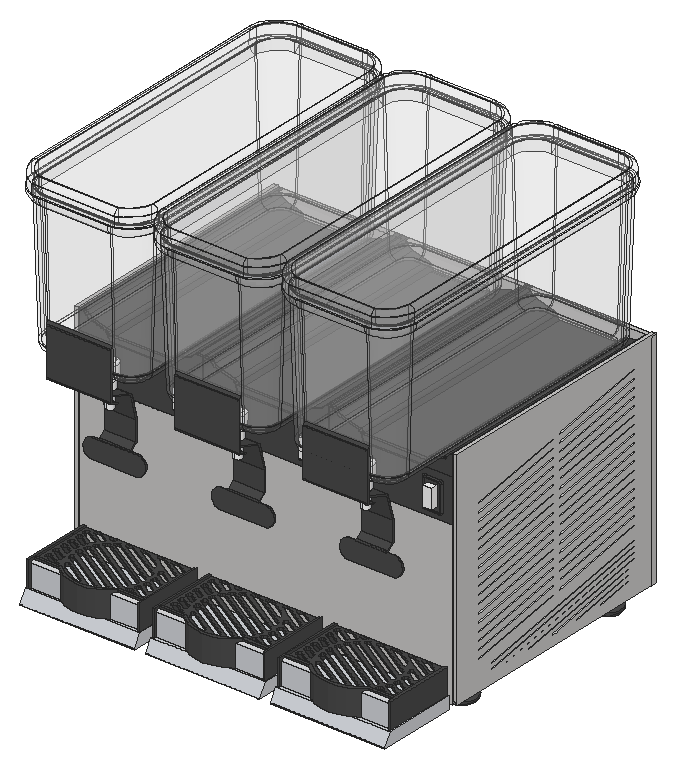
Revit family "QF_Vollrath-VBBD3-37T", category Specialty Equipment, Revit 2018 (continued)
Lines and regions (in)
  symbolic lines
    curve 29: line (16.17125, 10.65885, 0) -> (12.46016, 10.65885, 0)
    curve 30: line (10.7477, 9.21026, 0) -> (10.7477, -6.27192, 0)
    curve 31: arc (12.3357, 10.65873, 0) -> (11.26102, 10.24222, 0) -> (10.7477, 9.21026, 0) r 1.59473
    curve 32: arc (17.89331, 9.05687, 0) -> (17.42414, 10.18955, 0) -> (16.29146, 10.65873, 0) r 1.60185
    curve 33: line (17.89331, -6.10782, 0) -> (17.89331, 9.05687, 0)
    curve 34: arc (16.235, -7.76614, 0) -> (17.4076, -7.28043, 0) -> (17.89331, -6.10782, 0) r 1.65832
    curve 35: line (12.38365, -7.76614, 0) -> (16.235, -7.76614, 0)
    curve 36: arc (10.74098, -6.12347, 0) -> (11.2221, -7.28501, 0) -> (12.38365, -7.76614, 0) r 1.64267
  reference lines
    curve 8: line (1.395, 4.75781, 0) -> (7.145, 4.75781, 0)
    curve 9: line (-2.645, -9.32132, 0) -> (-2.645, 11.67868, 0)
Dimensions and locks (in)
  locked: plane 5 "Left" to plane 14 "Clearance Right" at 21.49875
  plane 7 "Front" to plane 6 "Rear" = 18.5076"
  plane 8 "Top" to plane 2 = 23 29/32"
  plane 13 "Clearance Left" to plane 5 "Left" = 6.0075"
  locked: plane 4 "Right" to plane 14 "Clearance Right" at 6.00125
  aligned and locked: plane 2 to level
  aligned and locked: plane 9 "Base Cabinet Front" to Extrusion 5
  aligned and locked: Extrusion 6 sketch curve to plane 5 "Left"
  aligned and locked: plane 6 "Rear" to Extrusion 6
  aligned and locked: plane 9 "Base Cabinet Front" to Extrusion 17
  aligned and locked: Extrusion 14 to Extrusion 12
  aligned and locked: plane 6 "Rear" to Extrusion 17
  aligned and locked: plane 15 "Clearance Rear" to Extrusion 20
  aligned and locked: plane 15 "Clearance Rear" to curve 2
  aligned and locked: plane 13 "Clearance Left" to Extrusion 20
  aligned and locked: plane 13 "Clearance Left" to curve 1
  aligned and locked: plane 6 "Rear" to Extrusion 3
  aligned and locked: Extrusion 20 to plane 6 "Rear"
  aligned and locked: Extrusion 18 to plane 4 "Right"
  aligned and locked: plane 8 "Top" to Extrusion 19
  aligned and locked: plane 8 "Top" to Extrusion 20
  aligned and locked: plane 8 "Top" to Extrusion 18
  aligned and locked: Extrusion 2 to Sweep 1
  aligned and locked: plane 6 "Rear" to Extrusion 19
  aligned and locked: Extrusion 20 to Extrusion 19
  aligned and locked: plane 6 "Rear" to Extrusion 18
  aligned and locked: Extrusion 34 to Extrusion 32
  aligned and locked: Extrusion 30 to Sweep 29
  aligned and locked: Extrusion 6 sketch curve to Extrusion 18
  aligned and locked: Extrusion 5 to Extrusion 48
  aligned and locked: Extrusion 62 to Extrusion 60
  aligned and locked: Extrusion 58 to Sweep 57
  aligned and locked: plane 4 "Right" to Extrusion 20
  aligned and locked: Extrusion 22 to plane 9 "Base Cabinet Front"
  aligned and locked: Extrusion 45 to plane 9 "Base Cabinet Front"
  aligned and locked: Extrusion 53 to plane 9 "Base Cabinet Front"
Connectors (in)
  electrical at (-2.645, 4.75781, 0.37402), driven by "Volts"
    settings: index 1, voltage 115 V, apparent load 0 VA, apparent load phase1 0 VA, apparent load phase2 0 VA, apparent load phase3 0 VA, power factor 1, load classification "Other", number of poles 1, system type 31, power factor state 1, is connector primary yes, connector utility no, sub classification motor no, connector description ""
Types (3): name | Model
  (no name) | "VBBD3-37-F"
  VBBD3-37-S | "VBBD3-37-S"
  VBBD3-37-F | "VBBD3-37-F"
